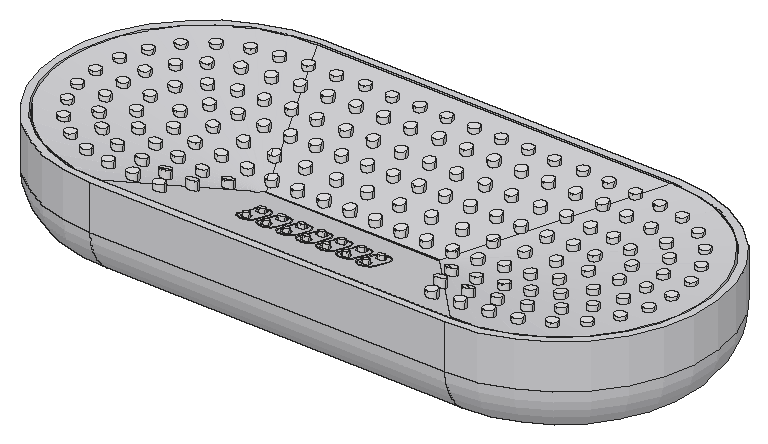
Revit family "Shower-Showerhead-KOHLER-K-26297T", category Plumbing Fixtures, host Face, Revit 2017
Family settings
  Host = Face
  Round Connector Dimension = Use Diameter
  Part Type = Normal
  OmniClass Number = 23.31.17.00
  OmniClass Title = Showers
  Cut with Voids When Loaded = No
  Shared = No
  Room Calculation Point = No
Parameters (values of type "CP- Polished Chrome")
  Width = 17 107/128"  # constant formula
  WaterSense Certified = 1 = 0  # no
  Waste Water Outlet = "Waste Water Outlet"  # constant formula
  Waste Connection = 1 = 0  # no
  Vent Connection = 1 = 0  # no
  URL = "http://www.kohler.com.cn/"
  Type = 1
  Tempered  Water Inlet = "Tempered  Water Inlet"  # constant formula
  Product Page URL = ""
  Product Name = ""
  Product Documentation Link = ""
  Pressure = 80.00 psi  # constant formula
  Panel Thickness = 0"
  Model = if(Type = 1, "K-26297T-CP", if(Type = 2, "K-26297T-AF", if(Type = 3, "K-26297T-BL", if(Type = 4, "K-26297T-BN", if(Type = 5, "K-26297T-2MB", if(Type = 6, "K-26297T-RGD", "NA"))))))  # "K-26297T-CP"
  Material = "Plastic"  # constant formula
  Master Format 2014 Name = "Residential Showers"  # constant formula
  Master Format 2014 = "22 42 23"  # constant formula
  Manufacturer Address = "Kohler Beijing Office (100016)36-2-03-B, No. 88, Liuxiang Road, Beijing"  # constant formula
  Manufacturer = "KOHLER Co."  # constant formula
  Length = 8 17/256"  # constant formula
  Hot Water Inlet = "Hot Water Inlet"  # constant formula
  Height = 3 53/128"  # constant formula
  HW Connection = 1 = 1  # yes
  Flow Rate = 2.5 GPM  # constant formula
  Finish = Kohler-Plastic-CP-Polished_Chrome
  Environmental Product Declaration = ""
  Drain Included = 1 = 0  # no
  Description = "2F LARGE OBLONG KATALYST/KINETIC-2.5GPM"  # constant formula
  Default Elevation = 0"
  Declare Label = ""
  Date Modified = "02/03/2021"  # constant formula
  Date Created = "02/03/2021"  # constant formula
  Copyright = "Copyright KOHLER Co."  # constant formula
  Contact Us = "http://www.kohler.com.cn/contact/contact-us/"
  Cold Water Inlet = "Cold Water Inlet"  # constant formula
  CW Connection = 1 = 0  # no
  Assembly Code = "D2010700"
  ADA Compliant = 1 = 0  # no
Reference planes (in)
  plane 1 "Center (Front/Back)": y = 0
  plane 2: z = 0
  plane 3 "Center (Left/Right)": x = 0
  plane 4: x = -8.91732
  plane 5: x = 8.91861
  plane 6: y = 4.03346
  plane 7: y = -4.03294
  plane 8: x = -0.43307
  plane 9: x = 0.43307
  plane 10: z = 0.79595
  plane 11: z = 3.41406
Dimensions and locks (in)
  "Width": plane 4 to plane 5
  "Length": plane 7 to plane 6
  "Height": level to plane 11
  locked: plane 10 to plane 11 at 2.61811
  aligned and locked: plane 2 to host face
  aligned and locked: level to host face
  aligned and locked: plane 1 "Center (Front/Back)" to nested 1
  aligned and locked: plane 3 "Center (Left/Right)" to nested 1
  aligned and locked: plane 5 to nested 1
  aligned and locked: plane 6 to nested 1
  aligned and locked: plane 7 to nested 1
  aligned and locked: plane 8 to nested 1
  aligned and locked: plane 9 to nested 1
  aligned and locked: plane 10 to nested 1
  aligned and locked: plane 11 to nested 1
Automatic sketch dimensions
  host sketch curve to host sketch curve = 96"  (x2)
Nested families (in)
  nested 1: "K-26297T" at (0.00129, 0, 0.00068), type "K-26297T"
Connectors (in)
  piping at (0.00129, 0, 0.00068), diameter 0.5, driven by "Flow Rate", driven by "Pressure", driven by "HW Connection", driven by "Tempered  Water Inlet"
    settings: on nested 1, index 1, connector inside diameter 24", connector length 0", flow factor 0, pipe flow 2.5 GPM, pressure drop 80.00 psi, fitting loss kfactor 0, connector angle 0.00°, fixture units 0, engagement length 0", angle of deflection 0.00°, flow configuration 1, flow direction 1, fitting loss method 4, system type 19, joint type 0, gender type 0, connector reference index -1, connector utility 1, adjustable connector no, is connector primary yes, connector description "Tempered  Water Inlet"
Definition of nested family "K-26297T"
  Parameters (values of type "K-26297T")
    Material = none
  Reference planes (in)
    plane 1 "Center (Front/Back)": y = 0
    plane 2: z = 0
    plane 3 "Center (Left/Right)": x = 0
    plane 4: y = 4.03346
    plane 5: y = -4.03346
    plane 6: z = 0.79528
    plane 7: z = 3.41339
    plane 8: x = 0.43307
    plane 9: x = -0.43307
    plane 10: x = 8.91732
    plane 11: x = -8.91732
  Forms (in)
    Sweep 1, solid, material <- "Material", detail levels medium+fine
      path origin (0, 0, 0) x (1, 0, 0) y (0, 1, 0)
        loop
          arc (-4.91948, 4.03346) -> (-8.95294, 0) -> (-4.91948, -4.03346) r 4.03346
          line (-4.91948, -4.03346) -> (4.91948, -4.03346)
          arc (4.91948, -4.03346) -> (8.95294, 0) -> (4.91948, 4.03346) r 4.03346
          line (4.91948, 4.03346) -> (-4.91948, 4.03346)
      profile origin (0, 4.03346, 0) x (0, 1, 0) y (0, 0, 1)
        loop
          line (0, 3.41339) -> (-0.19685, 3.41339) -> (-0.19685, 2.17134)
          arc (-0.19685, 2.17134) -> (-0.54279, 1.33617) -> (-1.37795, 0.99024) r 1.1811
          line (-1.37795, 0.99024) -> (-3.46965, 0.99024) -> (-3.46965, 0.79339) -> (-1.37795, 0.79339)
          arc (-1.37795, 0.79339) -> (-0.40359, 1.19698) -> (0, 2.17134) r 1.37795
          line (0, 2.17134) -> (0, 3.41339)
    Extrusion 2, solid, material <- "Material", detail levels medium+fine
      sketch origin (0, 0, 0) x (1, 0, 0) y (0, 1, 0)
        loop
          line (-4.91948, -0.56381) -> (4.91948, -0.56381)
          arc (4.91948, -0.56381) -> (5.48329, 0) -> (4.91948, 0.56381) r 0.56381
          line (4.91948, 0.56381) -> (-4.91948, 0.56381)
          arc (-4.91948, 0.56381) -> (-5.48329, 0) -> (-4.91948, -0.56381) r 0.56381
      from 0.79339 to 0.99024
    Extrusion 3, solid, material <- "Material", detail levels medium+fine
      sketch origin (0, 0, 0) x (1, 0, 0) y (0, 1, 0)
        loop
          line (0.15964, 0.47733) -> (-0.15964, 0.47733)
          arc (-0.15964, 0.47733) -> (-0.23783, 0.47608) -> (-0.31595, 0.47232) r 2.44246
          arc (-0.31595, 0.47232) -> (-0.47224, 0.45724) -> (-0.62724, 0.43215) r 2.44246
          arc (-0.62724, 0.43215) -> (-0.85574, 0.29606) -> (-0.94557, 0.04573) r 0.3937
          line (-0.94557, 0.04573) -> (-0.94557, 0) -> (-0.94557, -0.04573)
          arc (-0.94557, -0.04573) -> (-0.85574, -0.29606) -> (-0.62724, -0.43215) r 0.3937
          arc (-0.62724, -0.43215) -> (-0.47224, -0.45724) -> (-0.31595, -0.47232) r 2.44246
          arc (-0.31595, -0.47232) -> (-0.23783, -0.47608) -> (-0.15964, -0.47733) r 2.44246
          line (-0.15964, -0.47733) -> (0.15964, -0.47733)
          arc (0.15964, -0.47733) -> (0.23783, -0.47608) -> (0.31595, -0.47232) r 2.44246
          arc (0.31595, -0.47232) -> (0.47224, -0.45724) -> (0.62724, -0.43215) r 2.44246
          arc (0.62724, -0.43215) -> (0.85574, -0.29606) -> (0.94557, -0.04573) r 0.3937
          line (0.94557, -0.04573) -> (0.94557, 0) -> (0.94557, 0.04573)
          arc (0.94557, 0.04573) -> (0.85574, 0.29606) -> (0.62724, 0.43215) r 0.3937
          arc (0.62724, 0.43215) -> (0.47224, 0.45724) -> (0.31595, 0.47232) r 2.44246
          arc (0.31595, 0.47232) -> (0.23783, 0.47608) -> (0.15964, 0.47733) r 2.44246
      from 0 to 0.79339
    Extrusion 4, solid, material <- "Material", detail levels medium+fine
      sketch origin (0, 0, 0) x (1, 0, 0) y (0, 1, 0)
        loop
          arc (-4.91948, 3.83661) -> (-8.75609, 0) -> (-4.91948, -3.83661) r 3.83661
          line (-4.91948, -3.83661) -> (4.91948, -3.83661)
          arc (4.91948, -3.83661) -> (8.75609, 0) -> (4.91948, 3.83661) r 3.83661
          line (4.91948, 3.83661) -> (-4.91948, 3.83661)
      from 1.87795 to 3.41339
    Blend 5, void
      base sketch origin (0, 0, 0) x (1, 0, 0) y (0, 1, 0)
        loop
          arc (-4.91948, 3.83661) -> (-8.75609, 0) -> (-4.91948, -3.83661) r 3.83661
          line (-4.91948, -3.83661) -> (4.91948, -3.83661)
          arc (4.91948, -3.83661) -> (8.75609, 0) -> (4.91948, 3.83661) r 3.83661
          line (4.91948, 3.83661) -> (-4.91948, 3.83661)
      top sketch origin (0, 0, 0) x (1, 0, 0) y (0, 1, 0)
        loop
          line (2.4246, -1.11253) -> (2.4246, -1.06859) -> (-2.42478, -1.06859) -> (-2.42478, -1.11253) -> (2.4246, -1.11253)
      from 3.41339 to 2.77186
    Extrusion 6, void
      sketch origin (0, 0, 0) x (1, 0, 0) y (0, 0, 1)
        loop
          arc (0.08967, 0.44705) -> (0, 0.4978) -> (-0.08967, 0.44705) r 0.1046
          line (-0.08967, 0.44705) -> (-0.79494, 0.44705)
          arc (-0.79494, 0.44705) -> (-0.84879, 0.39319) -> (-0.79494, 0.33934) r 0.05385
          line (-0.79494, 0.33934) -> (-0.08967, 0.33934)
          arc (-0.08967, 0.33934) -> (0, 0.28859) -> (0.08967, 0.33934) r 0.1046
          line (0.08967, 0.33934) -> (0.79494, 0.33934)
          arc (0.79494, 0.33934) -> (0.84879, 0.39319) -> (0.79494, 0.44705) r 0.05385
          line (0.79494, 0.44705) -> (0.08967, 0.44705)
      from -0.52641 to 0.18184
    Revolve 7, void
      sketch origin (0, 0, 0) x (0, 1, 0) y (0, 0, 1)
        loop
          line (-0.48, 0.49881) -> (-0.48, 0.3935) -> (-0.27658, 0.3935) -> (-0.27658, 0.47319) -> (-0.42217, 0.47319) -> (-0.44779, 0.49881) -> (-0.48, 0.49881)
        axis (-0.48, 0.3935) -> (-0.27658, 0.3935)
      angle from 0 to 360
    Extrusion 8, void
      sketch origin (0, 0, 0) x (1, 0, 0) y (0, 1, 0)
        loop
          line (-1.42092, -2.68321) -> (-1.42092, -2.15417)
          arc (-1.42092, -2.15417) -> (-1.65354, -1.92156) -> (-1.88616, -2.15417) r 0.23262
          line (-1.88616, -2.15417) -> (-1.88616, -2.68321)
          arc (-1.88616, -2.68321) -> (-1.65354, -2.91583) -> (-1.42092, -2.68321) r 0.23262
        loop
          line (-0.86974, -2.68321) -> (-0.86974, -2.15417)
          arc (-0.86974, -2.15417) -> (-1.10236, -1.92156) -> (-1.33498, -2.15417) r 0.23262
          line (-1.33498, -2.15417) -> (-1.33498, -2.68321)
          arc (-1.33498, -2.68321) -> (-1.10236, -2.91583) -> (-0.86974, -2.68321) r 0.23262
        loop
          line (-0.31856, -2.68321) -> (-0.31856, -2.15417)
          arc (-0.31856, -2.15417) -> (-0.55118, -1.92156) -> (-0.7838, -2.15417) r 0.23262
          line (-0.7838, -2.15417) -> (-0.7838, -2.68321)
          arc (-0.7838, -2.68321) -> (-0.55118, -2.91583) -> (-0.31856, -2.68321) r 0.23262
        loop
          line (0.23262, -2.68321) -> (0.23262, -2.15417)
          arc (0.23262, -2.15417) -> (0, -1.92156) -> (-0.23262, -2.15417) r 0.23262
          line (-0.23262, -2.15417) -> (-0.23262, -2.68321)
          arc (-0.23262, -2.68321) -> (0, -2.91583) -> (0.23262, -2.68321) r 0.23262
        loop
          line (0.7838, -2.68321) -> (0.7838, -2.15417)
          arc (0.7838, -2.15417) -> (0.55118, -1.92156) -> (0.31856, -2.15417) r 0.23262
          line (0.31856, -2.15417) -> (0.31856, -2.68321)
          arc (0.31856, -2.68321) -> (0.55118, -2.91583) -> (0.7838, -2.68321) r 0.23262
        loop
          line (1.33498, -2.68321) -> (1.33498, -2.15417)
          arc (1.33498, -2.15417) -> (1.10236, -1.92156) -> (0.86974, -2.15417) r 0.23262
          line (0.86974, -2.15417) -> (0.86974, -2.68321)
          arc (0.86974, -2.68321) -> (1.10236, -2.91583) -> (1.33498, -2.68321) r 0.23262
        loop
          line (1.88616, -2.68321) -> (1.88616, -2.15417)
          arc (1.88616, -2.15417) -> (1.65354, -1.92156) -> (1.42092, -2.15417) r 0.23262
          line (1.42092, -2.15417) -> (1.42092, -2.68321)
          arc (1.42092, -2.68321) -> (1.65354, -2.91583) -> (1.88616, -2.68321) r 0.23262
        loop
          arc (-1.43667, -2.15417) -> (-1.65354, -1.9373) -> (-1.87041, -2.15417) r 0.21687
          line (-1.87041, -2.15417) -> (-1.87041, -2.68321)
          arc (-1.87041, -2.68321) -> (-1.65354, -2.90008) -> (-1.43667, -2.68321) r 0.21687
          line (-1.43667, -2.68321) -> (-1.43667, -2.15417)
        loop
          arc (-0.88549, -2.15417) -> (-1.10236, -1.9373) -> (-1.31923, -2.15417) r 0.21687
          line (-1.31923, -2.15417) -> (-1.31923, -2.68321)
          arc (-1.31923, -2.68321) -> (-1.10236, -2.90008) -> (-0.88549, -2.68321) r 0.21687
          line (-0.88549, -2.68321) -> (-0.88549, -2.15417)
        loop
          arc (-0.33431, -2.15417) -> (-0.55118, -1.9373) -> (-0.76805, -2.15417) r 0.21687
          line (-0.76805, -2.15417) -> (-0.76805, -2.68321)
          arc (-0.76805, -2.68321) -> (-0.55118, -2.90008) -> (-0.33431, -2.68321) r 0.21687
          line (-0.33431, -2.68321) -> (-0.33431, -2.15417)
        loop
          arc (0.21687, -2.15417) -> (0, -1.9373) -> (-0.21687, -2.15417) r 0.21687
          line (-0.21687, -2.15417) -> (-0.21687, -2.68321)
          arc (-0.21687, -2.68321) -> (0, -2.90008) -> (0.21687, -2.68321) r 0.21687
          line (0.21687, -2.68321) -> (0.21687, -2.15417)
        loop
          arc (0.76805, -2.15417) -> (0.55118, -1.9373) -> (0.33431, -2.15417) r 0.21687
          line (0.33431, -2.15417) -> (0.33431, -2.68321)
          arc (0.33431, -2.68321) -> (0.55118, -2.90008) -> (0.76805, -2.68321) r 0.21687
          line (0.76805, -2.68321) -> (0.76805, -2.15417)
        loop
          arc (1.31923, -2.15417) -> (1.10236, -1.9373) -> (0.88549, -2.15417) r 0.21687
          line (0.88549, -2.15417) -> (0.88549, -2.68321)
          arc (0.88549, -2.68321) -> (1.10236, -2.90008) -> (1.31923, -2.68321) r 0.21687
          line (1.31923, -2.68321) -> (1.31923, -2.15417)
        loop
          arc (1.87041, -2.15417) -> (1.65354, -1.9373) -> (1.43667, -2.15417) r 0.21687
          line (1.43667, -2.15417) -> (1.43667, -2.68321)
          arc (1.43667, -2.68321) -> (1.65354, -2.90008) -> (1.87041, -2.68321) r 0.21687
          line (1.87041, -2.68321) -> (1.87041, -2.15417)
        loop
          circle (-1.65281, -2.15811) r 0.12491
        loop
          circle (-1.65281, -2.69773) r 0.12491
        loop
          circle (-1.10163, -2.15811) r 0.12491
        loop
          circle (-1.10163, -2.69773) r 0.12491
        loop
          circle (-0.55045, -2.15811) r 0.12491
        loop
          circle (-0.55045, -2.69773) r 0.12491
        loop
          circle (0.00073, -2.15811) r 0.12491
        loop
          circle (0.00073, -2.69773) r 0.12491
        loop
          circle (0.55191, -2.15811) r 0.12491
        loop
          circle (0.55191, -2.69773) r 0.12491
        loop
          circle (1.1031, -2.15811) r 0.12491
        loop
          circle (1.1031, -2.69773) r 0.12491
        loop
          circle (1.65428, -2.15811) r 0.12491
        loop
          circle (1.65428, -2.69773) r 0.12491
      from 2.43178 to 3.41339
    Extrusion 9, solid, detail levels medium+fine
      sketch origin (0, 0, 0) x (1, 0, 0) y (0, 1, 0)
        loop
          circle (-1.65281, -2.15811) r 0.08055
        loop
          circle (-1.65281, -2.69773) r 0.08055
        loop
          circle (-1.10163, -2.15811) r 0.08055
        loop
          circle (-1.10163, -2.69773) r 0.08055
        loop
          circle (-0.55045, -2.15811) r 0.08055
        loop
          circle (-0.55045, -2.69773) r 0.08055
        loop
          circle (0.00073, -2.15811) r 0.08055
        loop
          circle (0.00073, -2.69773) r 0.08055
        loop
          circle (0.55191, -2.15811) r 0.08055
        loop
          circle (0.55191, -2.69773) r 0.08055
        loop
          circle (1.1031, -2.15811) r 0.08055
        loop
          circle (1.1031, -2.69773) r 0.08055
        loop
          circle (1.65428, -2.15811) r 0.08055
        loop
          circle (1.65428, -2.69773) r 0.08055
      from 2.26406 to 3.41339
    Extrusion 10, void
      sketch origin (0, 0, 0.09843) x (0, 1, 0) y (0, 0, 1)
        loop
          line (-1.77178, 2.92928) -> (-1.77178, 3.41339) -> (-3.79921, 3.41339) -> (-1.77178, 2.92928)
      from -2.42478 to 1.88616
    Extrusion 11, solid, material <- "Material", detail levels medium+fine
      sketch origin (0, 0, 0) x (1, 0, 0) y (0, 1, 0)
        loop
          arc (0.15964, -0.47733) -> (0.23783, -0.47608) -> (0.31595, -0.47232) r 2.44246
          arc (0.31595, -0.47232) -> (0.47224, -0.45724) -> (0.62724, -0.43215) r 2.44246
          arc (0.62724, -0.43215) -> (0.85574, -0.29606) -> (0.94557, -0.04573) r 0.3937
          line (0.94557, -0.04573) -> (0.94557, 0) -> (0.94557, 0.04573)
          arc (0.94557, 0.04573) -> (0.85574, 0.29606) -> (0.62724, 0.43215) r 0.3937
          arc (0.62724, 0.43215) -> (0.47224, 0.45724) -> (0.31595, 0.47232) r 2.44246
          arc (0.31595, 0.47232) -> (0.23783, 0.47608) -> (0.15964, 0.47733) r 2.44246
          line (0.15964, 0.47733) -> (-0.15964, 0.47733)
          arc (-0.15964, 0.47733) -> (-0.23783, 0.47608) -> (-0.31595, 0.47232) r 2.44246
          arc (-0.31595, 0.47232) -> (-0.47224, 0.45724) -> (-0.62724, 0.43215) r 2.44246
          arc (-0.62724, 0.43215) -> (-0.85574, 0.29606) -> (-0.94557, 0.04573) r 0.3937
          line (-0.94557, 0.04573) -> (-0.94557, 0) -> (-0.94557, -0.04573)
          arc (-0.94557, -0.04573) -> (-0.85574, -0.29606) -> (-0.62724, -0.43215) r 0.3937
          arc (-0.62724, -0.43215) -> (-0.47224, -0.45724) -> (-0.31595, -0.47232) r 2.44246
          arc (-0.31595, -0.47232) -> (-0.23783, -0.47608) -> (-0.15964, -0.47733) r 2.44246
          line (-0.15964, -0.47733) -> (0.15964, -0.47733)
      from 0 to 0.79339
    Extrusion 12, void
      sketch origin (0, 0, 0) x (1, 0, 0) y (0, 1, 0)
        loop
          arc (-4.91948, 3.83661) -> (-8.75609, 0) -> (-4.91948, -3.83661) r 3.83661
          line (-4.91948, -3.83661) -> (4.91948, -3.83661)
          arc (4.91948, -3.83661) -> (8.75609, 0) -> (4.91948, 3.83661) r 3.83661
          line (4.91948, 3.83661) -> (-4.91948, 3.83661)
        loop
          arc (-4.91948, 3.78543) -> (-8.70491, 0) -> (-4.91948, -3.78543) r 3.78543
          line (-4.91948, -3.78543) -> (4.91948, -3.78543)
          arc (4.91948, -3.78543) -> (8.70491, 0) -> (4.91948, 3.78543) r 3.78543
          line (4.91948, 3.78543) -> (-4.91948, 3.78543)
      from 2.77186 to 3.87988
    Extrusion 13, solid, detail levels medium+fine
      sketch origin (0, 0, 0) x (1, 0, 0) y (0, 1, 0)
        loop
          circle (0, 3.11243) r 0.14404
        loop
          circle (0.38349, 2.36942) r 0.14404
        loop
          circle (0.7502, 3.10763) r 0.14404
        loop
          circle (0.01285, 1.54978) r 0.14404
        loop
          circle (0.35658, 0.757) r 0.14404
        loop
          circle (0.35658, -0.74541) r 0.14404
        loop
          circle (1.06442, -0.75511) r 0.14404
        loop
          circle (1.78195, -0.7648) r 0.14404
        loop
          circle (2.49948, -0.7648) r 0.14404
        loop
          circle (3.18793, -0.74541) r 0.14404
        loop
          circle (3.09096, -1.53082) r 0.14404
        loop
          circle (3.7988, -1.55021) r 0.14404
        loop
          circle (3.43034, -2.33562) r 0.14404
        loop
          circle (3.76971, -3.06285) r 0.14404
        loop
          circle (4.52603, -3.03376) r 0.14404
        loop
          circle (4.18665, -2.32592) r 0.14404
        loop
          circle (4.51633, -1.49203) r 0.14404
        loop
          circle (4.91388, -2.23866) r 0.14404
        loop
          circle (5.26295, -2.95619) r 0.14404
        loop
          circle (5.97079, -2.83983) r 0.14404
        loop
          circle (5.6702, -2.13199) r 0.14404
        loop
          circle (6.35865, -1.81201) r 0.14404
        loop
          circle (6.66893, -2.51985) r 0.14404
        loop
          circle (6.83813, -1.32138) r 0.14404
        loop
          circle (7.25072, -2.03503) r 0.14404
        loop
          circle (7.65215, -1.39943) r 0.14404
        loop
          circle (7.90862, -0.73038) r 0.14404
        loop
          circle (7.17266, -0.68578) r 0.14404
        loop
          circle (6.32519, -0.66348) r 0.14404
        loop
          circle (5.84571, -1.19872) r 0.14404
        loop
          circle (5.19896, -1.42173) r 0.14404
        loop
          circle (5.33277, -0.61887) r 0.14404
        loop
          circle (4.64142, -0.74153) r 0.14404
        loop
          circle (3.91661, -0.73038) r 0.14404
        loop
          circle (2.49948, 0.7648) r 0.14404
        loop
          circle (3.18793, 0.74541) r 0.14404
        loop
          circle (3.09096, 1.53082) r 0.14404
        loop
          circle (3.7988, 1.55021) r 0.14404
        loop
          circle (3.43034, 2.33562) r 0.14404
        loop
          circle (3.76971, 3.06285) r 0.14404
        loop
          circle (4.52603, 3.03376) r 0.14404
        loop
          circle (4.18665, 2.32592) r 0.14404
        loop
          circle (4.51633, 1.49203) r 0.14404
        loop
          circle (4.91388, 2.23866) r 0.14404
        loop
          circle (5.26295, 2.95619) r 0.14404
        loop
          circle (5.97079, 2.83983) r 0.14404
        loop
          circle (5.6702, 2.13199) r 0.14404
        loop
          circle (6.35865, 1.81201) r 0.14404
        loop
          circle (6.66893, 2.51985) r 0.14404
        loop
          circle (6.83813, 1.32138) r 0.14404
        loop
          circle (7.25072, 2.03503) r 0.14404
        loop
          circle (7.65215, 1.39943) r 0.14404
        loop
          circle (7.90862, 0.73038) r 0.14404
        loop
          circle (7.17266, 0.68578) r 0.14404
        loop
          circle (6.32519, 0.66348) r 0.14404
        loop
          circle (5.84571, 1.19872) r 0.14404
        loop
          circle (5.19896, 1.42173) r 0.14404
        loop
          circle (5.33277, 0.61887) r 0.14404
        loop
          circle (4.64142, 0.74153) r 0.14404
        loop
          circle (3.91661, 0.73038) r 0.14404
        loop
          circle (0.44579, -0.0206) r 0.14404
        loop
          circle (1.31555, -0.00945) r 0.14404
        loop
          circle (2.17417, -0.00945) r 0.14404
        loop
          circle (3.02163, -0.00945) r 0.14404
        loop
          circle (3.8914, 0.0017) r 0.14404
        loop
          circle (4.75001, 0.01285) r 0.14404
        loop
          circle (5.65323, 0.0017) r 0.14404
        loop
          circle (6.48955, 0.01285) r 0.14404
        loop
          circle (7.23666, 0.01285) r 0.14404
        loop
          circle (7.97261, -0.0206) r 0.14404
        loop
          circle (1.07411, 0.7648) r 0.14404
        loop
          circle (1.78195, 0.75511) r 0.14404
        loop
          circle (1.54923, 1.55021) r 0.14404
        loop
          circle (0.76383, 1.54051) r 0.14404
        loop
          circle (1.15168, 2.35501) r 0.14404
        loop
          circle (1.908, 2.36471) r 0.14404
        loop
          circle (2.66432, 2.35501) r 0.14404
        loop
          circle (2.29586, 1.54051) r 0.14404
        loop
          circle (3.01339, 3.11133) r 0.14404
        loop
          circle (2.24738, 3.08224) r 0.14404
        loop
          circle (1.50075, 3.11133) r 0.14404
        loop
          circle (-0.38349, 2.36942) r 0.14404
        loop
          circle (-0.7502, 3.10763) r 0.14404
        loop
          circle (-0.35658, 0.757) r 0.14404
        loop
          circle (-0.35658, -0.74541) r 0.14404
        loop
          circle (-1.06442, -0.75511) r 0.14404
        loop
          circle (-1.78195, -0.7648) r 0.14404
        loop
          circle (-2.49948, -0.7648) r 0.14404
        loop
          circle (-3.18793, -0.74541) r 0.14404
        loop
          circle (-3.09096, -1.53082) r 0.14404
        loop
          circle (-3.7988, -1.55021) r 0.14404
        loop
          circle (-3.43034, -2.33562) r 0.14404
        loop
          circle (-3.76971, -3.06285) r 0.14404
        loop
          circle (-4.52603, -3.03376) r 0.14404
        loop
          circle (-4.18665, -2.32592) r 0.14404
        loop
          circle (-4.51633, -1.49203) r 0.14404
        loop
          circle (-4.91388, -2.23866) r 0.14404
        loop
          circle (-5.26295, -2.95619) r 0.14404
        loop
          circle (-5.97079, -2.83983) r 0.14404
        loop
          circle (-5.6702, -2.13199) r 0.14404
        loop
          circle (-6.35865, -1.81201) r 0.14404
        loop
          circle (-6.66893, -2.51985) r 0.14404
        loop
          circle (-6.83813, -1.32138) r 0.14404
        loop
          circle (-7.25072, -2.03503) r 0.14404
        loop
          circle (-7.65215, -1.39943) r 0.14404
        loop
          circle (-7.90862, -0.73038) r 0.14404
        loop
          circle (-7.17266, -0.68578) r 0.14404
        loop
          circle (-6.32519, -0.66348) r 0.14404
        loop
          circle (-5.84571, -1.19872) r 0.14404
        loop
          circle (-5.19896, -1.42173) r 0.14404
        loop
          circle (-5.33277, -0.61887) r 0.14404
        loop
          circle (-4.64142, -0.74153) r 0.14404
        loop
          circle (-3.91661, -0.73038) r 0.14404
        loop
          circle (-2.49948, 0.7648) r 0.14404
        loop
          circle (-3.18793, 0.74541) r 0.14404
        loop
          circle (-3.09096, 1.53082) r 0.14404
        loop
          circle (-3.7988, 1.55021) r 0.14404
        loop
          circle (-3.43034, 2.33562) r 0.14404
        loop
          circle (-3.76971, 3.06285) r 0.14404
        loop
          circle (-4.52603, 3.03376) r 0.14404
        loop
          circle (-4.18665, 2.32592) r 0.14404
        loop
          circle (-4.51633, 1.49203) r 0.14404
        loop
          circle (-4.91388, 2.23866) r 0.14404
        loop
          circle (-5.26295, 2.95619) r 0.14404
        loop
          circle (-5.97079, 2.83983) r 0.14404
        loop
          circle (-5.6702, 2.13199) r 0.14404
        loop
          circle (-6.35865, 1.81201) r 0.14404
        loop
          circle (-6.66893, 2.51985) r 0.14404
        loop
          circle (-6.83813, 1.32138) r 0.14404
        loop
          circle (-7.25072, 2.03503) r 0.14404
        loop
          circle (-7.65215, 1.39943) r 0.14404
        loop
          circle (-7.90862, 0.73038) r 0.14404
        loop
          circle (-7.17266, 0.68578) r 0.14404
        loop
          circle (-6.32519, 0.66348) r 0.14404
        loop
          circle (-5.84571, 1.19872) r 0.14404
        loop
          circle (-5.19896, 1.42173) r 0.14404
        loop
          circle (-5.33277, 0.61887) r 0.14404
        loop
          circle (-4.64142, 0.74153) r 0.14404
        loop
          circle (-3.91661, 0.73038) r 0.14404
        loop
          circle (-0.44579, -0.0206) r 0.14404
        loop
          circle (-1.31555, -0.00945) r 0.14404
        loop
          circle (-2.17417, -0.00945) r 0.14404
        loop
          circle (-3.02163, -0.00945) r 0.14404
        loop
          circle (-3.8914, 0.0017) r 0.14404
        loop
          circle (-4.75001, 0.01285) r 0.14404
        loop
          circle (-5.65323, 0.0017) r 0.14404
        loop
          circle (-6.48955, 0.01285) r 0.14404
        loop
          circle (-7.23666, 0.01285) r 0.14404
        loop
          circle (-7.97261, -0.0206) r 0.14404
        loop
          circle (-1.07411, 0.7648) r 0.14404
        loop
          circle (-1.78195, 0.75511) r 0.14404
        loop
          circle (-1.54923, 1.55021) r 0.14404
        loop
          circle (-0.76383, 1.54051) r 0.14404
        loop
          circle (-1.15168, 2.35501) r 0.14404
        loop
          circle (-1.908, 2.36471) r 0.14404
        loop
          circle (-2.66432, 2.35501) r 0.14404
        loop
          circle (-2.29586, 1.54051) r 0.14404
        loop
          circle (-3.01339, 3.11133) r 0.14404
        loop
          circle (-2.24738, 3.08224) r 0.14404
        loop
          circle (-1.50075, 3.11133) r 0.14404
      from 1.52456 to 3.41339
    Blend 14, void
      base sketch origin (0, 0, 0) x (1, 0, 0) y (0, 1, 0)
        loop
          arc (-4.91948, 2.80118) -> (-7.72066, 0) -> (-4.91948, -2.80118) r 2.80118
          line (-4.91948, -2.80118) -> (4.88822, -2.80118)
          arc (4.88822, -2.80118) -> (7.6894, 0) -> (4.88822, 2.80118) r 2.80118
          line (4.88822, 2.80118) -> (-4.91948, 2.80118)
      top sketch origin (0, 0, 0) x (1, 0, 0) y (0, 1, 0)
        loop
          line (2.4246, -1.06859) -> (-2.42478, -1.06859) -> (-2.42478, -1.11253) -> (2.4246, -1.11253) -> (2.4246, -1.06859)
      from 3.41339 to 2.92627
    Extrusion 15, solid, material <- "Material", detail levels coarse
      sketch origin (0, 0, 0) x (1, 0, 0) y (0, 1, 0)
        loop
          line (4.91948, 4.03346) -> (-4.91948, 4.03346)
          arc (-4.91948, 4.03346) -> (-8.95294, 0) -> (-4.91948, -4.03346) r 4.03346
          line (-4.91948, -4.03346) -> (4.91948, -4.03346)
          arc (4.91948, -4.03346) -> (8.95294, 0) -> (4.91948, 4.03346) r 4.03346
      from 0.79339 to 3.39361
    Extrusion 16, solid, material <- "Material", detail levels coarse
      sketch origin (0, 0, 0) x (1, 0, 0) y (0, 1, 0)
        loop
          arc (0.62724, -0.43215) -> (0.85574, -0.29606) -> (0.94557, -0.04573) r 0.3937
          line (0.94557, -0.04573) -> (0.94557, 0) -> (0.94557, 0.04573)
          arc (0.94557, 0.04573) -> (0.85574, 0.29606) -> (0.62724, 0.43215) r 0.3937
          arc (0.62724, 0.43215) -> (0.47224, 0.45724) -> (0.31595, 0.47232) r 2.44246
          arc (0.31595, 0.47232) -> (0.23783, 0.47608) -> (0.15964, 0.47733) r 2.44246
          line (0.15964, 0.47733) -> (-0.15964, 0.47733)
          arc (-0.15964, 0.47733) -> (-0.23783, 0.47608) -> (-0.31595, 0.47232) r 2.44246
          arc (-0.31595, 0.47232) -> (-0.47224, 0.45724) -> (-0.62724, 0.43215) r 2.44246
          arc (-0.62724, 0.43215) -> (-0.85574, 0.29606) -> (-0.94557, 0.04573) r 0.3937
          line (-0.94557, 0.04573) -> (-0.94557, 0) -> (-0.94557, -0.04573)
          arc (-0.94557, -0.04573) -> (-0.85574, -0.29606) -> (-0.62724, -0.43215) r 0.3937
          arc (-0.62724, -0.43215) -> (-0.47224, -0.45724) -> (-0.31595, -0.47232) r 2.44246
          arc (-0.31595, -0.47232) -> (-0.23783, -0.47608) -> (-0.15964, -0.47733) r 2.44246
          line (-0.15964, -0.47733) -> (0.15964, -0.47733)
          arc (0.15964, -0.47733) -> (0.23783, -0.47608) -> (0.31595, -0.47232) r 2.44246
          arc (0.31595, -0.47232) -> (0.47224, -0.45724) -> (0.62724, -0.43215) r 2.44246
      from 0 to 0.79339
    Extrusion 17, solid, material <- "Material"
      sketch origin (0, 0, 0) x (1, 0, 0) y (0, 1, 0)
        loop
          circle (0, 0) r 0.12333
      from 0 to 0.11719
  Cuts and joins
    Extrusion 10 cuts Extrusion 9
    Blend 5, Extrusion 8, Extrusion 12 cuts Extrusion 4
    Extrusion 6, Revolve 7, Extrusion 12 cuts Extrusion 11
    joined: Extrusion 4, Extrusion 11
    Blend 5, Extrusion 6, Revolve 7, Extrusion 10 cuts Extrusion 3
    Extrusion 12 cuts Sweep 1
    joined: Sweep 1, Extrusion 2
    Blend 14 cuts Extrusion 13
    Extrusion 12 cuts Extrusion 15
    joined: Extrusion 15, Extrusion 16
  Lines and regions (in)
    Masking region 1
      outline origin (0, 0, 0) x (1, 0, 0) y (0, 0, 1)
        loop
          line (8.91732, 3.41339) -> (-8.91732, 3.41339) -> (-8.91732, 2.17323)
          arc (-8.91732, 2.17323) -> (-8.51373, 1.19887) -> (-7.53937, 0.79528) r 1.37795
          line (-7.53937, 0.79528) -> (-0.94557, 0.79528) -> (-0.94557, 0) -> (0.94557, 0) -> (0.94557, 0.79528) -> (7.53937, 0.79528)
          arc (7.53937, 0.79528) -> (8.51373, 1.19887) -> (8.91732, 2.17323) r 1.37795
          line (8.91732, 2.17323) -> (8.91732, 3.41339)
    Masking region 2
      outline origin (0, 0, 0) x (0, 1, 0) y (0, 0, 1)
        loop
          line (4.03346, 3.41339) -> (-4.03346, 3.41339) -> (-4.03346, 2.17323)
          arc (-4.03346, 2.17323) -> (-3.62987, 1.19887) -> (-2.65551, 0.79528) r 1.37795
          line (-2.65551, 0.79528) -> (-0.47733, 0.79528) -> (-0.47733, 0) -> (0.47733, 0) -> (0.47733, 0.33934) -> (0.35544, 0.33934)
          spline (0.35544, 0.33934) -> (0.34486, 0.34092) -> (0.33413, 0.34544) -> (0.32371, 0.35289) -> (0.31429, 0.36331) -> (0.30705, 0.37708) -> (0.30446, 0.39319) -> (0.30704, 0.4093) -> (0.31427, 0.42305) -> (0.3237, 0.43349) -> (0.33413, 0.44095) -> (0.34486, 0.44547) -> (0.35544, 0.44705)
          line (0.35544, 0.44705) -> (0.47733, 0.44705) -> (0.47733, 0.79528) -> (2.65551, 0.79528)
          arc (2.65551, 0.79528) -> (3.62987, 1.19887) -> (4.03346, 2.17323) r 1.37795
          line (4.03346, 2.17323) -> (4.03346, 3.41339)
    Masking region 3
      outline origin (0, 0, 0) x (1, 0, 0) y (0, 1, 0)
        loop
          arc (-4.91948, 4.03346) -> (-7.759, 2.84991) -> (-8.91732, 0) r 3.998
          arc (-8.91732, 0) -> (-7.759, -2.84991) -> (-4.91948, -4.03346) r 3.998
          line (-4.91948, -4.03346) -> (4.91948, -4.03346)
          arc (4.91948, -4.03346) -> (7.759, -2.84991) -> (8.91732, 0) r 3.998
          arc (8.91732, 0) -> (7.759, 2.84991) -> (4.91948, 4.03346) r 3.998
          line (4.91948, 4.03346) -> (-4.91948, 4.03346)
    symbolic lines, detail levels medium+fine
      curve 1: line (-1.5279, -2.15811, 0) -> (-1.5279, -2.69773, 0)
      curve 2: line (-1.77723, -2.15813, 0) -> (-1.77723, -2.69774, 0)
      curve 3: line (-1.42092, -2.68321, 0) -> (-1.42092, -2.15417, 0)
      curve 4: arc (-1.42092, -2.15417, 0) -> (-1.65354, -1.92156, 0) -> (-1.88616, -2.15417, 0) r 0.23262
      curve 5: line (-1.88616, -2.15417, 0) -> (-1.88616, -2.68321, 0)
      curve 6: arc (-1.88616, -2.68321, 0) -> (-1.65354, -2.91583, 0) -> (-1.42092, -2.68321, 0) r 0.23262
      curve 7: spline (-1.73304, -2.15811, 0) -> (-1.73081, -2.17874, 0) -> (-1.72307, -2.19808, 0) -> (-1.71037, -2.21475, 0) -> (-1.6936, -2.22757, 0) -> (-1.67395, -2.23565, 0) -> (-1.65281, -2.2384, 0) -> (-1.63167, -2.23565, 0) -> (-1.61202, -2.22757, 0) -> (-1.59525, -2.21475, 0) -> (-1.58255, -2.19808, 0) -> (-1.57481, -2.17874, 0) -> (-1.57258, -2.15811, 0)
      curve 8: spline (-1.57258, -2.15811, 0) -> (-1.57481, -2.13748, 0) -> (-1.58255, -2.11815, 0) -> (-1.59525, -2.10148, 0) -> (-1.61202, -2.08865, 0) -> (-1.63167, -2.08058, 0) -> (-1.65281, -2.07782, 0) -> (-1.67395, -2.08058, 0) -> (-1.6936, -2.08865, 0) -> (-1.71037, -2.10148, 0) -> (-1.72307, -2.11815, 0) -> (-1.73081, -2.13748, 0) -> (-1.73304, -2.15811, 0)
      curve 9: spline (-1.52839, -2.15811, 0) -> (-1.53185, -2.19011, 0) -> (-1.54385, -2.22009, 0) -> (-1.56355, -2.24594, 0) -> (-1.58955, -2.26583, 0) -> (-1.62002, -2.27835, 0) -> (-1.65281, -2.28263, 0) -> (-1.6856, -2.27835, 0) -> (-1.71607, -2.26583, 0) -> (-1.74207, -2.24594, 0) -> (-1.76177, -2.22009, 0) -> (-1.77377, -2.19011, 0) -> (-1.77723, -2.15811, 0)
      curve 10: spline (-1.77723, -2.15811, 0) -> (-1.77377, -2.12611, 0) -> (-1.76177, -2.09613, 0) -> (-1.74207, -2.07028, 0) -> (-1.71607, -2.0504, 0) -> (-1.6856, -2.03787, 0) -> (-1.65281, -2.0336, 0) -> (-1.62002, -2.03787, 0) -> (-1.58955, -2.0504, 0) -> (-1.56355, -2.07028, 0) -> (-1.54385, -2.09613, 0) -> (-1.53185, -2.12611, 0) -> (-1.52839, -2.15811, 0)
      curve 11: spline (-1.57258, -2.69773, 0) -> (-1.57481, -2.6771, 0) -> (-1.58255, -2.65776, 0) -> (-1.59525, -2.6411, 0) -> (-1.61202, -2.62827, 0) -> (-1.63167, -2.6202, 0) -> (-1.65281, -2.61744, 0) -> (-1.67395, -2.6202, 0) -> (-1.6936, -2.62827, 0) -> (-1.71037, -2.6411, 0) -> (-1.72307, -2.65776, 0) -> (-1.73081, -2.6771, 0) -> (-1.73304, -2.69773, 0)
      curve 12: spline (-1.73304, -2.69773, 0) -> (-1.73081, -2.71836, 0) -> (-1.72307, -2.73769, 0) -> (-1.71037, -2.75436, 0) -> (-1.6936, -2.76719, 0) -> (-1.67395, -2.77526, 0) -> (-1.65281, -2.77802, 0) -> (-1.63167, -2.77526, 0) -> (-1.61202, -2.76719, 0) -> (-1.59525, -2.75436, 0) -> (-1.58255, -2.73769, 0) -> (-1.57481, -2.71836, 0) -> (-1.57258, -2.69773, 0)
      curve 13: spline (-1.77723, -2.69773, 0) -> (-1.77377, -2.66573, 0) -> (-1.76177, -2.63575, 0) -> (-1.74207, -2.6099, 0) -> (-1.71607, -2.59001, 0) -> (-1.6856, -2.57749, 0) -> (-1.65281, -2.57321, 0) -> (-1.62002, -2.57749, 0) -> (-1.58955, -2.59001, 0) -> (-1.56355, -2.6099, 0) -> (-1.54385, -2.63575, 0) -> (-1.53185, -2.66573, 0) -> (-1.52839, -2.69773, 0)
      curve 14: spline (-1.52839, -2.69773, 0) -> (-1.53185, -2.72973, 0) -> (-1.54385, -2.75971, 0) -> (-1.56355, -2.78556, 0) -> (-1.58955, -2.80544, 0) -> (-1.62002, -2.81797, 0) -> (-1.65281, -2.82224, 0) -> (-1.6856, -2.81797, 0) -> (-1.71607, -2.80544, 0) -> (-1.74207, -2.78556, 0) -> (-1.76177, -2.75971, 0) -> (-1.77377, -2.72973, 0) -> (-1.77723, -2.69773, 0)
      curve 15: line (-1.87041, -2.15417, 0) -> (-1.87041, -2.68321, 0)
      curve 16: spline (-1.86956, -2.68324, 0) -> (-1.86355, -2.73879, 0) -> (-1.8427, -2.79083, 0) -> (-1.8085, -2.83571, 0) -> (-1.76336, -2.87023, 0) -> (-1.71046, -2.89197, 0) -> (-1.65354, -2.89939, 0) -> (-1.59662, -2.89197, 0) -> (-1.54373, -2.87023, 0) -> (-1.49858, -2.83571, 0) -> (-1.46438, -2.79083, 0) -> (-1.44354, -2.73879, 0) -> (-1.43753, -2.68324, 0)
      curve 17: line (-1.43667, -2.68321, 0) -> (-1.43667, -2.15417, 0)
      curve 18: spline (-1.43753, -2.15415, 0) -> (-1.44354, -2.0986, 0) -> (-1.46438, -2.04655, 0) -> (-1.49858, -2.00168, 0) -> (-1.54373, -1.96716, 0) -> (-1.59662, -1.94541, 0) -> (-1.65354, -1.93799, 0) -> (-1.71046, -1.94541, 0) -> (-1.76336, -1.96716, 0) -> (-1.8085, -2.00168, 0) -> (-1.8427, -2.04655, 0) -> (-1.86355, -2.0986, 0) -> (-1.86956, -2.15415, 0)
      curve 19: line (-0.97672, -2.15811, 0) -> (-0.97672, -2.69773, 0)
      curve 20: line (-1.22605, -2.15813, 0) -> (-1.22605, -2.69774, 0)
      curve 21: line (-0.86974, -2.68321, 0) -> (-0.86974, -2.15417, 0)
      curve 22: arc (-0.86974, -2.15417, 0) -> (-1.10236, -1.92156, 0) -> (-1.33498, -2.15417, 0) r 0.23262
      curve 23: line (-1.33498, -2.15417, 0) -> (-1.33498, -2.68321, 0)
      curve 24: arc (-1.33498, -2.68321, 0) -> (-1.10236, -2.91583, 0) -> (-0.86974, -2.68321, 0) r 0.23262
      curve 25: spline (-1.18186, -2.15811, 0) -> (-1.17963, -2.17874, 0) -> (-1.17189, -2.19808, 0) -> (-1.15918, -2.21475, 0) -> (-1.14242, -2.22757, 0) -> (-1.12277, -2.23565, 0) -> (-1.10163, -2.2384, 0) -> (-1.08049, -2.23565, 0) -> (-1.06084, -2.22757, 0) -> (-1.04407, -2.21475, 0) -> (-1.03137, -2.19808, 0) -> (-1.02363, -2.17874, 0) -> (-1.0214, -2.15811, 0)
      curve 26: spline (-1.0214, -2.15811, 0) -> (-1.02363, -2.13748, 0) -> (-1.03137, -2.11815, 0) -> (-1.04407, -2.10148, 0) -> (-1.06084, -2.08865, 0) -> (-1.08049, -2.08058, 0) -> (-1.10163, -2.07782, 0) -> (-1.12277, -2.08058, 0) -> (-1.14242, -2.08865, 0) -> (-1.15918, -2.10148, 0) -> (-1.17189, -2.11815, 0) -> (-1.17963, -2.13748, 0) -> (-1.18186, -2.15811, 0)
      curve 27: spline (-0.97721, -2.15811, 0) -> (-0.98067, -2.19011, 0) -> (-0.99267, -2.22009, 0) -> (-1.01237, -2.24594, 0) -> (-1.03837, -2.26583, 0) -> (-1.06884, -2.27835, 0) -> (-1.10163, -2.28263, 0) -> (-1.13441, -2.27835, 0) -> (-1.16488, -2.26583, 0) -> (-1.19089, -2.24594, 0) -> (-1.21059, -2.22009, 0) -> (-1.22259, -2.19011, 0) -> (-1.22605, -2.15811, 0)
      curve 28: spline (-1.22605, -2.15811, 0) -> (-1.22259, -2.12611, 0) -> (-1.21059, -2.09613, 0) -> (-1.19089, -2.07028, 0) -> (-1.16488, -2.0504, 0) -> (-1.13441, -2.03787, 0) -> (-1.10163, -2.0336, 0) -> (-1.06884, -2.03787, 0) -> (-1.03837, -2.0504, 0) -> (-1.01237, -2.07028, 0) -> (-0.99267, -2.09613, 0) -> (-0.98067, -2.12611, 0) -> (-0.97721, -2.15811, 0)
      curve 29: spline (-1.0214, -2.69773, 0) -> (-1.02363, -2.6771, 0) -> (-1.03137, -2.65776, 0) -> (-1.04407, -2.6411, 0) -> (-1.06084, -2.62827, 0) -> (-1.08049, -2.6202, 0) -> (-1.10163, -2.61744, 0) -> (-1.12277, -2.6202, 0) -> (-1.14242, -2.62827, 0) -> (-1.15918, -2.6411, 0) -> (-1.17189, -2.65776, 0) -> (-1.17963, -2.6771, 0) -> (-1.18186, -2.69773, 0)
      curve 30: spline (-1.18186, -2.69773, 0) -> (-1.17963, -2.71836, 0) -> (-1.17189, -2.73769, 0) -> (-1.15918, -2.75436, 0) -> (-1.14242, -2.76719, 0) -> (-1.12277, -2.77526, 0) -> (-1.10163, -2.77802, 0) -> (-1.08049, -2.77526, 0) -> (-1.06084, -2.76719, 0) -> (-1.04407, -2.75436, 0) -> (-1.03137, -2.73769, 0) -> (-1.02363, -2.71836, 0) -> (-1.0214, -2.69773, 0)
      curve 31: spline (-1.22605, -2.69773, 0) -> (-1.22259, -2.66573, 0) -> (-1.21059, -2.63575, 0) -> (-1.19089, -2.6099, 0) -> (-1.16488, -2.59001, 0) -> (-1.13441, -2.57749, 0) -> (-1.10163, -2.57321, 0) -> (-1.06884, -2.57749, 0) -> (-1.03837, -2.59001, 0) -> (-1.01237, -2.6099, 0) -> (-0.99267, -2.63575, 0) -> (-0.98067, -2.66573, 0) -> (-0.97721, -2.69773, 0)
      curve 32: spline (-0.97721, -2.69773, 0) -> (-0.98067, -2.72973, 0) -> (-0.99267, -2.75971, 0) -> (-1.01237, -2.78556, 0) -> (-1.03837, -2.80544, 0) -> (-1.06884, -2.81797, 0) -> (-1.10163, -2.82224, 0) -> (-1.13441, -2.81797, 0) -> (-1.16488, -2.80544, 0) -> (-1.19089, -2.78556, 0) -> (-1.21059, -2.75971, 0) -> (-1.22259, -2.72973, 0) -> (-1.22605, -2.69773, 0)
      curve 33: line (-1.31923, -2.15417, 0) -> (-1.31923, -2.68321, 0)
      curve 34: spline (-1.31838, -2.68324, 0) -> (-1.31237, -2.73879, 0) -> (-1.29152, -2.79083, 0) -> (-1.25732, -2.83571, 0) -> (-1.21218, -2.87023, 0) -> (-1.15928, -2.89197, 0) -> (-1.10236, -2.89939, 0) -> (-1.04544, -2.89197, 0) -> (-0.99254, -2.87023, 0) -> (-0.9474, -2.83571, 0) -> (-0.9132, -2.79083, 0) -> (-0.89236, -2.73879, 0) -> (-0.88634, -2.68324, 0)
      curve 35: line (-0.88549, -2.68321, 0) -> (-0.88549, -2.15417, 0)
      curve 36: spline (-0.88634, -2.15415, 0) -> (-0.89236, -2.0986, 0) -> (-0.9132, -2.04655, 0) -> (-0.9474, -2.00168, 0) -> (-0.99254, -1.96716, 0) -> (-1.04544, -1.94541, 0) -> (-1.10236, -1.93799, 0) -> (-1.15928, -1.94541, 0) -> (-1.21218, -1.96716, 0) -> (-1.25732, -2.00168, 0) -> (-1.29152, -2.04655, 0) -> (-1.31237, -2.0986, 0) -> (-1.31838, -2.15415, 0)
      curve 37: line (-0.42553, -2.15811, 0) -> (-0.42553, -2.69773, 0)
      curve 38: line (-0.67487, -2.15813, 0) -> (-0.67487, -2.69774, 0)
      curve 39: line (-0.31856, -2.68321, 0) -> (-0.31856, -2.15417, 0)
      curve 40: arc (-0.31856, -2.15417, 0) -> (-0.55118, -1.92156, 0) -> (-0.7838, -2.15417, 0) r 0.23262
      curve 41: line (-0.7838, -2.15417, 0) -> (-0.7838, -2.68321, 0)
      curve 42: arc (-0.7838, -2.68321, 0) -> (-0.55118, -2.91583, 0) -> (-0.31856, -2.68321, 0) r 0.23262
      curve 43: spline (-0.63068, -2.15811, 0) -> (-0.62845, -2.17874, 0) -> (-0.62071, -2.19808, 0) -> (-0.608, -2.21475, 0) -> (-0.59124, -2.22757, 0) -> (-0.57159, -2.23565, 0) -> (-0.55045, -2.2384, 0) -> (-0.52931, -2.23565, 0) -> (-0.50966, -2.22757, 0) -> (-0.49289, -2.21475, 0) -> (-0.48019, -2.19808, 0) -> (-0.47245, -2.17874, 0) -> (-0.47022, -2.15811, 0)
      curve 44: spline (-0.47022, -2.15811, 0) -> (-0.47245, -2.13748, 0) -> (-0.48019, -2.11815, 0) -> (-0.49289, -2.10148, 0) -> (-0.50966, -2.08865, 0) -> (-0.52931, -2.08058, 0) -> (-0.55045, -2.07782, 0) -> (-0.57159, -2.08058, 0) -> (-0.59124, -2.08865, 0) -> (-0.608, -2.10148, 0) -> (-0.62071, -2.11815, 0) -> (-0.62845, -2.13748, 0) -> (-0.63068, -2.15811, 0)
      curve 45: spline (-0.42603, -2.15811, 0) -> (-0.42949, -2.19011, 0) -> (-0.44149, -2.22009, 0) -> (-0.46119, -2.24594, 0) -> (-0.48719, -2.26583, 0) -> (-0.51766, -2.27835, 0) -> (-0.55045, -2.28263, 0) -> (-0.58323, -2.27835, 0) -> (-0.6137, -2.26583, 0) -> (-0.63971, -2.24594, 0) -> (-0.65941, -2.22009, 0) -> (-0.67141, -2.19011, 0) -> (-0.67487, -2.15811, 0)
      curve 46: spline (-0.67487, -2.15811, 0) -> (-0.67141, -2.12611, 0) -> (-0.65941, -2.09613, 0) -> (-0.63971, -2.07028, 0) -> (-0.6137, -2.0504, 0) -> (-0.58323, -2.03787, 0) -> (-0.55045, -2.0336, 0) -> (-0.51766, -2.03787, 0) -> (-0.48719, -2.0504, 0) -> (-0.46119, -2.07028, 0) -> (-0.44149, -2.09613, 0) -> (-0.42949, -2.12611, 0) -> (-0.42603, -2.15811, 0)
      curve 47: spline (-0.47022, -2.69773, 0) -> (-0.47245, -2.6771, 0) -> (-0.48019, -2.65776, 0) -> (-0.49289, -2.6411, 0) -> (-0.50966, -2.62827, 0) -> (-0.52931, -2.6202, 0) -> (-0.55045, -2.61744, 0) -> (-0.57159, -2.6202, 0) -> (-0.59124, -2.62827, 0) -> (-0.608, -2.6411, 0) -> (-0.62071, -2.65776, 0) -> (-0.62845, -2.6771, 0) -> (-0.63068, -2.69773, 0)
      curve 48: spline (-0.63068, -2.69773, 0) -> (-0.62845, -2.71836, 0) -> (-0.62071, -2.73769, 0) -> (-0.608, -2.75436, 0) -> (-0.59124, -2.76719, 0) -> (-0.57159, -2.77526, 0) -> (-0.55045, -2.77802, 0) -> (-0.52931, -2.77526, 0) -> (-0.50966, -2.76719, 0) -> (-0.49289, -2.75436, 0) -> (-0.48019, -2.73769, 0) -> (-0.47245, -2.71836, 0) -> (-0.47022, -2.69773, 0)
      curve 49: spline (-0.67487, -2.69773, 0) -> (-0.67141, -2.66573, 0) -> (-0.65941, -2.63575, 0) -> (-0.63971, -2.6099, 0) -> (-0.6137, -2.59001, 0) -> (-0.58323, -2.57749, 0) -> (-0.55045, -2.57321, 0) -> (-0.51766, -2.57749, 0) -> (-0.48719, -2.59001, 0) -> (-0.46119, -2.6099, 0) -> (-0.44149, -2.63575, 0) -> (-0.42949, -2.66573, 0) -> (-0.42603, -2.69773, 0)
      curve 50: spline (-0.42603, -2.69773, 0) -> (-0.42949, -2.72973, 0) -> (-0.44149, -2.75971, 0) -> (-0.46119, -2.78556, 0) -> (-0.48719, -2.80544, 0) -> (-0.51766, -2.81797, 0) -> (-0.55045, -2.82224, 0) -> (-0.58323, -2.81797, 0) -> (-0.6137, -2.80544, 0) -> (-0.63971, -2.78556, 0) -> (-0.65941, -2.75971, 0) -> (-0.67141, -2.72973, 0) -> (-0.67487, -2.69773, 0)
      curve 51: line (-0.76805, -2.15417, 0) -> (-0.76805, -2.68321, 0)
      curve 52: spline (-0.7672, -2.68324, 0) -> (-0.76119, -2.73879, 0) -> (-0.74034, -2.79083, 0) -> (-0.70614, -2.83571, 0) -> (-0.661, -2.87023, 0) -> (-0.6081, -2.89197, 0) -> (-0.55118, -2.89939, 0) -> (-0.49426, -2.89197, 0) -> (-0.44136, -2.87023, 0) -> (-0.39622, -2.83571, 0) -> (-0.36202, -2.79083, 0) -> (-0.34118, -2.73879, 0) -> (-0.33516, -2.68324, 0)
      curve 53: line (-0.33431, -2.68321, 0) -> (-0.33431, -2.15417, 0)
      curve 54: spline (-0.33516, -2.15415, 0) -> (-0.34118, -2.0986, 0) -> (-0.36202, -2.04655, 0) -> (-0.39622, -2.00168, 0) -> (-0.44136, -1.96716, 0) -> (-0.49426, -1.94541, 0) -> (-0.55118, -1.93799, 0) -> (-0.6081, -1.94541, 0) -> (-0.661, -1.96716, 0) -> (-0.70614, -2.00168, 0) -> (-0.74034, -2.04655, 0) -> (-0.76119, -2.0986, 0) -> (-0.7672, -2.15415, 0)
      curve 55: line (0.12565, -2.15811, 0) -> (0.12565, -2.69773, 0)
      curve 56: line (-0.12369, -2.15813, 0) -> (-0.12369, -2.69774, 0)
      curve 57: line (0.23262, -2.68321, 0) -> (0.23262, -2.15417, 0)
      curve 58: arc (0.23262, -2.15417, 0) -> (0, -1.92156, 0) -> (-0.23262, -2.15417, 0) r 0.23262
      curve 59: line (-0.23262, -2.15417, 0) -> (-0.23262, -2.68321, 0)
      curve 60: arc (-0.23262, -2.68321, 0) -> (0, -2.91583, 0) -> (0.23262, -2.68321, 0) r 0.23262
      curve 61: spline (-0.0795, -2.15811, 0) -> (-0.07726, -2.17874, 0) -> (-0.06952, -2.19808, 0) -> (-0.05682, -2.21475, 0) -> (-0.04006, -2.22757, 0) -> (-0.02041, -2.23565, 0) -> (0.00073, -2.2384, 0) -> (0.02187, -2.23565, 0) -> (0.04152, -2.22757, 0) -> (0.05829, -2.21475, 0) -> (0.07099, -2.19808, 0) -> (0.07873, -2.17874, 0) -> (0.08096, -2.15811, 0)
      curve 62: spline (0.08096, -2.15811, 0) -> (0.07873, -2.13748, 0) -> (0.07099, -2.11815, 0) -> (0.05829, -2.10148, 0) -> (0.04152, -2.08865, 0) -> (0.02187, -2.08058, 0) -> (0.00073, -2.07782, 0) -> (-0.02041, -2.08058, 0) -> (-0.04006, -2.08865, 0) -> (-0.05682, -2.10148, 0) -> (-0.06952, -2.11815, 0) -> (-0.07726, -2.13748, 0) -> (-0.0795, -2.15811, 0)
      curve 63: spline (0.12515, -2.15811, 0) -> (0.12169, -2.19011, 0) -> (0.10969, -2.22009, 0) -> (0.08999, -2.24594, 0) -> (0.06399, -2.26583, 0) -> (0.03352, -2.27835, 0) -> (0.00073, -2.28263, 0) -> (-0.03205, -2.27835, 0) -> (-0.06252, -2.26583, 0) -> (-0.08853, -2.24594, 0) -> (-0.10822, -2.22009, 0) -> (-0.12023, -2.19011, 0) -> (-0.12369, -2.15811, 0)
      curve 64: spline (-0.12369, -2.15811, 0) -> (-0.12023, -2.12611, 0) -> (-0.10822, -2.09613, 0) -> (-0.08853, -2.07028, 0) -> (-0.06252, -2.0504, 0) -> (-0.03205, -2.03787, 0) -> (0.00073, -2.0336, 0) -> (0.03352, -2.03787, 0) -> (0.06399, -2.0504, 0) -> (0.08999, -2.07028, 0) -> (0.10969, -2.09613, 0) -> (0.12169, -2.12611, 0) -> (0.12515, -2.15811, 0)
      curve 65: spline (0.08096, -2.69773, 0) -> (0.07873, -2.6771, 0) -> (0.07099, -2.65776, 0) -> (0.05829, -2.6411, 0) -> (0.04152, -2.62827, 0) -> (0.02187, -2.6202, 0) -> (0.00073, -2.61744, 0) -> (-0.02041, -2.6202, 0) -> (-0.04006, -2.62827, 0) -> (-0.05682, -2.6411, 0) -> (-0.06952, -2.65776, 0) -> (-0.07726, -2.6771, 0) -> (-0.0795, -2.69773, 0)
      curve 66: spline (-0.0795, -2.69773, 0) -> (-0.07726, -2.71836, 0) -> (-0.06952, -2.73769, 0) -> (-0.05682, -2.75436, 0) -> (-0.04006, -2.76719, 0) -> (-0.02041, -2.77526, 0) -> (0.00073, -2.77802, 0) -> (0.02187, -2.77526, 0) -> (0.04152, -2.76719, 0) -> (0.05829, -2.75436, 0) -> (0.07099, -2.73769, 0) -> (0.07873, -2.71836, 0) -> (0.08096, -2.69773, 0)
      curve 67: spline (-0.12369, -2.69773, 0) -> (-0.12023, -2.66573, 0) -> (-0.10822, -2.63575, 0) -> (-0.08853, -2.6099, 0) -> (-0.06252, -2.59001, 0) -> (-0.03205, -2.57749, 0) -> (0.00073, -2.57321, 0) -> (0.03352, -2.57749, 0) -> (0.06399, -2.59001, 0) -> (0.08999, -2.6099, 0) -> (0.10969, -2.63575, 0) -> (0.12169, -2.66573, 0) -> (0.12515, -2.69773, 0)
      curve 68: spline (0.12515, -2.69773, 0) -> (0.12169, -2.72973, 0) -> (0.10969, -2.75971, 0) -> (0.08999, -2.78556, 0) -> (0.06399, -2.80544, 0) -> (0.03352, -2.81797, 0) -> (0.00073, -2.82224, 0) -> (-0.03205, -2.81797, 0) -> (-0.06252, -2.80544, 0) -> (-0.08853, -2.78556, 0) -> (-0.10822, -2.75971, 0) -> (-0.12023, -2.72973, 0) -> (-0.12369, -2.69773, 0)
      curve 69: line (-0.21687, -2.15417, 0) -> (-0.21687, -2.68321, 0)
      curve 70: spline (-0.21602, -2.68324, 0) -> (-0.21, -2.73879, 0) -> (-0.18916, -2.79083, 0) -> (-0.15496, -2.83571, 0) -> (-0.10982, -2.87023, 0) -> (-0.05692, -2.89197, 0) -> (0, -2.89939, 0) -> (0.05692, -2.89197, 0) -> (0.10982, -2.87023, 0) -> (0.15496, -2.83571, 0) -> (0.18916, -2.79083, 0) -> (0.21, -2.73879, 0) -> (0.21602, -2.68324, 0)
      curve 71: line (0.21687, -2.68321, 0) -> (0.21687, -2.15417, 0)
      curve 72: spline (0.21602, -2.15415, 0) -> (0.21, -2.0986, 0) -> (0.18916, -2.04655, 0) -> (0.15496, -2.00168, 0) -> (0.10982, -1.96716, 0) -> (0.05692, -1.94541, 0) -> (0, -1.93799, 0) -> (-0.05692, -1.94541, 0) -> (-0.10982, -1.96716, 0) -> (-0.15496, -2.00168, 0) -> (-0.18916, -2.04655, 0) -> (-0.21, -2.0986, 0) -> (-0.21602, -2.15415, 0)
      curve 73: line (0.67683, -2.15811, 0) -> (0.67683, -2.69773, 0)
      curve 74: line (0.42749, -2.15813, 0) -> (0.42749, -2.69774, 0)
      curve 75: line (0.7838, -2.68321, 0) -> (0.7838, -2.15417, 0)
      curve 76: arc (0.7838, -2.15417, 0) -> (0.55118, -1.92156, 0) -> (0.31856, -2.15417, 0) r 0.23262
      curve 77: line (0.31856, -2.15417, 0) -> (0.31856, -2.68321, 0)
      curve 78: arc (0.31856, -2.68321, 0) -> (0.55118, -2.91583, 0) -> (0.7838, -2.68321, 0) r 0.23262
      curve 79: spline (0.47169, -2.15811, 0) -> (0.47392, -2.17874, 0) -> (0.48166, -2.19808, 0) -> (0.49436, -2.21475, 0) -> (0.51113, -2.22757, 0) -> (0.53077, -2.23565, 0) -> (0.55191, -2.2384, 0) -> (0.57306, -2.23565, 0) -> (0.5927, -2.22757, 0) -> (0.60947, -2.21475, 0) -> (0.62217, -2.19808, 0) -> (0.62991, -2.17874, 0) -> (0.63214, -2.15811, 0)
      curve 80: spline (0.63214, -2.15811, 0) -> (0.62991, -2.13748, 0) -> (0.62217, -2.11815, 0) -> (0.60947, -2.10148, 0) -> (0.5927, -2.08865, 0) -> (0.57306, -2.08058, 0) -> (0.55191, -2.07782, 0) -> (0.53077, -2.08058, 0) -> (0.51113, -2.08865, 0) -> (0.49436, -2.10148, 0) -> (0.48166, -2.11815, 0) -> (0.47392, -2.13748, 0) -> (0.47169, -2.15811, 0)
      curve 81: spline (0.67634, -2.15811, 0) -> (0.67288, -2.19011, 0) -> (0.66087, -2.22009, 0) -> (0.64117, -2.24594, 0) -> (0.61517, -2.26583, 0) -> (0.5847, -2.27835, 0) -> (0.55191, -2.28263, 0) -> (0.51913, -2.27835, 0) -> (0.48866, -2.26583, 0) -> (0.46266, -2.24594, 0) -> (0.44296, -2.22009, 0) -> (0.43095, -2.19011, 0) -> (0.42749, -2.15811, 0)
      curve 82: spline (0.42749, -2.15811, 0) -> (0.43095, -2.12611, 0) -> (0.44296, -2.09613, 0) -> (0.46266, -2.07028, 0) -> (0.48866, -2.0504, 0) -> (0.51913, -2.03787, 0) -> (0.55191, -2.0336, 0) -> (0.5847, -2.03787, 0) -> (0.61517, -2.0504, 0) -> (0.64117, -2.07028, 0) -> (0.66087, -2.09613, 0) -> (0.67288, -2.12611, 0) -> (0.67634, -2.15811, 0)
      curve 83: spline (0.63214, -2.69773, 0) -> (0.62991, -2.6771, 0) -> (0.62217, -2.65776, 0) -> (0.60947, -2.6411, 0) -> (0.5927, -2.62827, 0) -> (0.57306, -2.6202, 0) -> (0.55191, -2.61744, 0) -> (0.53077, -2.6202, 0) -> (0.51113, -2.62827, 0) -> (0.49436, -2.6411, 0) -> (0.48166, -2.65776, 0) -> (0.47392, -2.6771, 0) -> (0.47169, -2.69773, 0)
      curve 84: spline (0.47169, -2.69773, 0) -> (0.47392, -2.71836, 0) -> (0.48166, -2.73769, 0) -> (0.49436, -2.75436, 0) -> (0.51113, -2.76719, 0) -> (0.53077, -2.77526, 0) -> (0.55191, -2.77802, 0) -> (0.57306, -2.77526, 0) -> (0.5927, -2.76719, 0) -> (0.60947, -2.75436, 0) -> (0.62217, -2.73769, 0) -> (0.62991, -2.71836, 0) -> (0.63214, -2.69773, 0)
      curve 85: spline (0.42749, -2.69773, 0) -> (0.43095, -2.66573, 0) -> (0.44296, -2.63575, 0) -> (0.46266, -2.6099, 0) -> (0.48866, -2.59001, 0) -> (0.51913, -2.57749, 0) -> (0.55191, -2.57321, 0) -> (0.5847, -2.57749, 0) -> (0.61517, -2.59001, 0) -> (0.64117, -2.6099, 0) -> (0.66087, -2.63575, 0) -> (0.67288, -2.66573, 0) -> (0.67634, -2.69773, 0)
      curve 86: spline (0.67634, -2.69773, 0) -> (0.67288, -2.72973, 0) -> (0.66087, -2.75971, 0) -> (0.64117, -2.78556, 0) -> (0.61517, -2.80544, 0) -> (0.5847, -2.81797, 0) -> (0.55191, -2.82224, 0) -> (0.51913, -2.81797, 0) -> (0.48866, -2.80544, 0) -> (0.46266, -2.78556, 0) -> (0.44296, -2.75971, 0) -> (0.43095, -2.72973, 0) -> (0.42749, -2.69773, 0)
      curve 87: line (0.33431, -2.15417, 0) -> (0.33431, -2.68321, 0)
      curve 88: spline (0.33516, -2.68324, 0) -> (0.34118, -2.73879, 0) -> (0.36202, -2.79083, 0) -> (0.39622, -2.83571, 0) -> (0.44136, -2.87023, 0) -> (0.49426, -2.89197, 0) -> (0.55118, -2.89939, 0) -> (0.6081, -2.89197, 0) -> (0.661, -2.87023, 0) -> (0.70614, -2.83571, 0) -> (0.74034, -2.79083, 0) -> (0.76119, -2.73879, 0) -> (0.7672, -2.68324, 0)
      curve 89: line (0.76805, -2.68321, 0) -> (0.76805, -2.15417, 0)
      curve 90: spline (0.7672, -2.15415, 0) -> (0.76119, -2.0986, 0) -> (0.74034, -2.04655, 0) -> (0.70614, -2.00168, 0) -> (0.661, -1.96716, 0) -> (0.6081, -1.94541, 0) -> (0.55118, -1.93799, 0) -> (0.49426, -1.94541, 0) -> (0.44136, -1.96716, 0) -> (0.39622, -2.00168, 0) -> (0.36202, -2.04655, 0) -> (0.34118, -2.0986, 0) -> (0.33516, -2.15415, 0)
      curve 91: line (1.22801, -2.15811, 0) -> (1.22801, -2.69773, 0)
      curve 92: line (0.97867, -2.15813, 0) -> (0.97867, -2.69774, 0)
      curve 93: line (1.33498, -2.68321, 0) -> (1.33498, -2.15417, 0)
      curve 94: arc (1.33498, -2.15417, 0) -> (1.10236, -1.92156, 0) -> (0.86974, -2.15417, 0) r 0.23262
      curve 95: line (0.86974, -2.15417, 0) -> (0.86974, -2.68321, 0)
